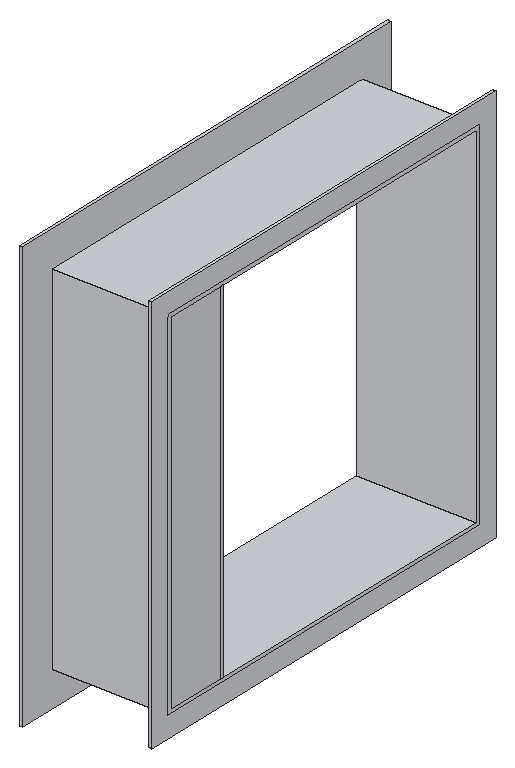
Revit family "Стеновой прямоугольный SVK1-НЗ-EI90-MC-W-MSR220-0-Kb 06.06.25", category Арматура воздуховодов, Revit 2022
Family settings
  Размер круглого соединителя = Использовать диаметр
  Тип детали = Демпфер
  На основе рабочей плоскости = Нет
  Всегда вертикально = Нет
  При загрузке вырезать с полостями = Нет
  Общий = Да
Parameters (values of type "Клапан SVK1-НЗ-EI90-MC-W-650x600-GI-H-MSR220-0-Kb")
  Ширина = 600 mm
  Привод внутри/снаружи [instance] = yes
  Отметка по умолчанию = 0 mm
  Высота = 650 mm
  ADSK_Ток = 0 A
  ADSK_Свободный напор воздуха [instance] = 0.0 Pa
  ADSK_Расход воздуха [instance] = 0.0 m³/s
  ADSK_Пусковой ток = 0 A
  ADSK_Полная мощность = ADSK_Номинальная мощность / ADSK_Коэффициент мощности  # 0 VA
  ADSK_Номинальная мощность = 0 W
  ADSK_Напряжение = 220 V  # constant formula
  ADSK_Наименование = "НОРМАЛЬНО-ЗАКРЫТЫЕ ПРОТИВОПОЖАРНЫЕ МНОГОСТВОРЧАТЫЕ КЛАПАНЫ"
  ADSK_Материал = none
  ADSK_Масса_Текст = ""
  ADSK_Масса = 1
  ADSK_Марка = "Клапан SVK1-НЗ-MC"  # constant formula
  ADSK_Кратность пускового тока = 1
  ADSK_Коэффициент мощности = 1  # constant formula
  ADSK_Количество фаз = 1  # constant formula
  ADSK_Количество = 1  # constant formula
  ADSK_Код изделия = ""
  ADSK_Классификация нагрузок = ОВК
  ADSK_КПД = 0
  ADSK_Завод-изготовитель = "WAER"  # constant formula
  ADSK_Единица измерения = "шт."  # constant formula
Types (269, lengths in mm): name | Ширина | Высота
  Клапан SVK1-НЗ-EI90-MC-W-300x300-GI-H-MSR220-0-Kb | 300 | 300
  Клапан SVK1-НЗ-EI90-MC-W-350x300-GI-H-MSR220-0-Kb | 300 | 350
  Клапан SVK1-НЗ-EI90-MC-W-400x300-GI-H-MSR220-0-Kb | 300 | 400
  Клапан SVK1-НЗ-EI90-MC-W-450x300-GI-H-MSR220-0-Kb | 300 | 450
  Клапан SVK1-НЗ-EI90-MC-W-500x300-GI-H-MSR220-0-Kb | 300 | 500
  Клапан SVK1-НЗ-EI90-MC-W-550x300-GI-H-MSR220-0-Kb | 300 | 550
  Клапан SVK1-НЗ-EI90-MC-W-600x300-GI-H-MSR220-0-Kb | 300 | 600
  Клапан SVK1-НЗ-EI90-MC-W-650x300-GI-H-MSR220-0-Kb | 300 | 650
  Клапан SVK1-НЗ-EI90-MC-W-700x300-GI-H-MSR220-0-Kb | 300 | 700
  Клапан SVK1-НЗ-EI90-MC-W-750x300-GI-H-MSR220-0-Kb | 300 | 750
  Клапан SVK1-НЗ-EI90-MC-W-800x300-GI-H-MSR220-0-Kb | 300 | 800
  Клапан SVK1-НЗ-EI90-MC-W-850x300-GI-H-MSR220-0-Kb | 300 | 850
  Клапан SVK1-НЗ-EI90-MC-W-900x300-GI-H-MSR220-0-Kb | 300 | 900
  Клапан SVK1-НЗ-EI90-MC-W-950x300-GI-H-MSR220-0-Kb | 300 | 950
  Клапан SVK1-НЗ-EI90-MC-W-1000x300-GI-H-MSR220-0-Kb | 300 | 1000
  Клапан SVK1-НЗ-EI90-MC-W-1050x300-GI-H-MSR220-0-Kb | 300 | 1050
  Клапан SVK1-НЗ-EI90-MC-W-1100x300-GI-H-MSR220-0-Kb | 300 | 1100
  Клапан SVK1-НЗ-EI90-MC-W-1150x300-GI-H-MSR220-0-Kb | 300 | 1150
  Клапан SVK1-НЗ-EI90-MC-W-1200x300-GI-H-MSR220-0-Kb | 300 | 1200
  Клапан SVK1-НЗ-EI90-MC-W-1250x300-GI-H-MSR220-0-Kb | 300 | 1250
  Клапан SVK1-НЗ-EI90-MC-W-1300x300-GI-H-MSR220-0-Kb | 300 | 1300
  Клапан SVK1-НЗ-EI90-MC-W-1350x300-GI-H-MSR220-0-Kb | 300 | 1350
  Клапан SVK1-НЗ-EI90-MC-W-1400x300-GI-H-MSR220-0-Kb | 300 | 1400
  Клапан SVK1-НЗ-EI90-MC-W-1450x300-GI-H-MSR220-0-Kb | 300 | 1450
  Клапан SVK1-НЗ-EI90-MC-W-1500x300-GI-H-MSR220-0-Kb | 300 | 1500
  Клапан SVK1-НЗ-EI90-MC-W-350x350-GI-H-MSR220-0-Kb | 350 | 350
  Клапан SVK1-НЗ-EI90-MC-W-400x350-GI-H-MSR220-0-Kb | 350 | 400
  Клапан SVK1-НЗ-EI90-MC-W-450x350-GI-H-MSR220-0-Kb | 350 | 450
  Клапан SVK1-НЗ-EI90-MC-W-500x350-GI-H-MSR220-0-Kb | 350 | 500
  Клапан SVK1-НЗ-EI90-MC-W-550x350-GI-H-MSR220-0-Kb | 350 | 550
  Клапан SVK1-НЗ-EI90-MC-W-600x350-GI-H-MSR220-0-Kb | 350 | 600
  Клапан SVK1-НЗ-EI90-MC-W-650x350-GI-H-MSR220-0-Kb | 350 | 650
  Клапан SVK1-НЗ-EI90-MC-W-700x350-GI-H-MSR220-0-Kb | 350 | 700
  Клапан SVK1-НЗ-EI90-MC-W-750x350-GI-H-MSR220-0-Kb | 350 | 750
  Клапан SVK1-НЗ-EI90-MC-W-800x350-GI-H-MSR220-0-Kb | 350 | 800
  Клапан SVK1-НЗ-EI90-MC-W-850x350-GI-H-MSR220-0-Kb | 350 | 850
  Клапан SVK1-НЗ-EI90-MC-W-900x350-GI-H-MSR220-0-Kb | 350 | 900
  Клапан SVK1-НЗ-EI90-MC-W-950x350-GI-H-MSR220-0-Kb | 350 | 950
  Клапан SVK1-НЗ-EI90-MC-W-1000x350-GI-H-MSR220-0-Kb | 350 | 1000
  Клапан SVK1-НЗ-EI90-MC-W-1050x350-GI-H-MSR220-0-Kb | 350 | 1050
  Клапан SVK1-НЗ-EI90-MC-W-1100x350-GI-H-MSR220-0-Kb | 350 | 1100
  Клапан SVK1-НЗ-EI90-MC-W-1150x350-GI-H-MSR220-0-Kb | 350 | 1150
  Клапан SVK1-НЗ-EI90-MC-W-1200x350-GI-H-MSR220-0-Kb | 350 | 1200
  Клапан SVK1-НЗ-EI90-MC-W-1250x350-GI-H-MSR220-0-Kb | 350 | 1250
  Клапан SVK1-НЗ-EI90-MC-W-1300x350-GI-H-MSR220-0-Kb | 350 | 1300
  Клапан SVK1-НЗ-EI90-MC-W-1350x350-GI-H-MSR220-0-Kb | 350 | 1350
  Клапан SVK1-НЗ-EI90-MC-W-1400x350-GI-H-MSR220-0-Kb | 350 | 1400
  Клапан SVK1-НЗ-EI90-MC-W-1450x350-GI-H-MSR220-0-Kb | 650 | 1450
  Клапан SVK1-НЗ-EI90-MC-W-1500x350-GI-H-MSR220-0-Kb | 350 | 1500
  Клапан SVK1-НЗ-EI90-MC-W-400x400-GI-H-MSR220-0-Kb | 400 | 400
  Клапан SVK1-НЗ-EI90-MC-W-450x400-GI-H-MSR220-0-Kb | 400 | 450
  Клапан SVK1-НЗ-EI90-MC-W-500x400-GI-H-MSR220-0-Kb | 400 | 500
  Клапан SVK1-НЗ-EI90-MC-W-550x400-GI-H-MSR220-0-Kb | 400 | 550
  Клапан SVK1-НЗ-EI90-MC-W-600x400-GI-H-MSR220-0-Kb | 400 | 600
  Клапан SVK1-НЗ-EI90-MC-W-650x400-GI-H-MSR220-0-Kb | 400 | 650
  Клапан SVK1-НЗ-EI90-MC-W-700x400-GI-H-MSR220-0-Kb | 400 | 700
  Клапан SVK1-НЗ-EI90-MC-W-750x400-GI-H-MSR220-0-Kb | 400 | 750
  Клапан SVK1-НЗ-EI90-MC-W-800x400-GI-H-MSR220-0-Kb | 400 | 800
  Клапан SVK1-НЗ-EI90-MC-W-850x400-GI-H-MSR220-0-Kb | 400 | 850
  Клапан SVK1-НЗ-EI90-MC-W-900x400-GI-H-MSR220-0-Kb | 400 | 900
  Клапан SVK1-НЗ-EI90-MC-W-950x400-GI-H-MSR220-0-Kb | 400 | 950
  Клапан SVK1-НЗ-EI90-MC-W-1000x400-GI-H-MSR220-0-Kb | 400 | 1000
  Клапан SVK1-НЗ-EI90-MC-W-1050x400-GI-H-MSR220-0-Kb | 400 | 1050
  Клапан SVK1-НЗ-EI90-MC-W-1100x400-GI-H-MSR220-0-Kb | 400 | 1100
  Клапан SVK1-НЗ-EI90-MC-W-1150x400-GI-H-MSR220-0-Kb | 400 | 1150
  Клапан SVK1-НЗ-EI90-MC-W-1200x400-GI-H-MSR220-0-Kb | 400 | 1200
  Клапан SVK1-НЗ-EI90-MC-W-1250x400-GI-H-MSR220-0-Kb | 400 | 1250
  Клапан SVK1-НЗ-EI90-MC-W-1300x400-GI-H-MSR220-0-Kb | 400 | 1300
  Клапан SVK1-НЗ-EI90-MC-W-1350x400-GI-H-MSR220-0-Kb | 400 | 1350
  Клапан SVK1-НЗ-EI90-MC-W-1400x400-GI-H-MSR220-0-Kb | 400 | 1400
  Клапан SVK1-НЗ-EI90-MC-W-1450x400-GI-H-MSR220-0-Kb | 400 | 1450
  Клапан SVK1-НЗ-EI90-MC-W-1500x400-GI-H-MSR220-0-Kb | 400 | 1500
  Клапан SVK1-НЗ-EI90-MC-W-450x450-GI-H-MSR220-0-Kb | 450 | 450
  Клапан SVK1-НЗ-EI90-MC-W-500x450-GI-H-MSR220-0-Kb | 450 | 500
  Клапан SVK1-НЗ-EI90-MC-W-550x450-GI-H-MSR220-0-Kb | 450 | 550
  Клапан SVK1-НЗ-EI90-MC-W-600x450-GI-H-MSR220-0-Kb | 450 | 600
  Клапан SVK1-НЗ-EI90-MC-W-650x450-GI-H-MSR220-0-Kb | 450 | 650
  Клапан SVK1-НЗ-EI90-MC-W-700x450-GI-H-MSR220-0-Kb | 450 | 700
  Клапан SVK1-НЗ-EI90-MC-W-750x450-GI-H-MSR220-0-Kb | 450 | 750
  Клапан SVK1-НЗ-EI90-MC-W-800x450-GI-H-MSR220-0-Kb | 450 | 800
  Клапан SVK1-НЗ-EI90-MC-W-850x450-GI-H-MSR220-0-Kb | 450 | 850
  Клапан SVK1-НЗ-EI90-MC-W-900x450-GI-H-MSR220-0-Kb | 450 | 900
  Клапан SVK1-НЗ-EI90-MC-W-950x450-GI-H-MSR220-0-Kb | 450 | 950
  Клапан SVK1-НЗ-EI90-MC-W-1000x450-GI-H-MSR220-0-Kb | 450 | 1000
  Клапан SVK1-НЗ-EI90-MC-W-1050x450-GI-H-MSR220-0-Kb | 450 | 1050
  Клапан SVK1-НЗ-EI90-MC-W-1100x450-GI-H-MSR220-0-Kb | 450 | 1100
  Клапан SVK1-НЗ-EI90-MC-W-1150x450-GI-H-MSR220-0-Kb | 450 | 1150
  Клапан SVK1-НЗ-EI90-MC-W-1200x450-GI-H-MSR220-0-Kb | 450 | 1200
  Клапан SVK1-НЗ-EI90-MC-W-1250x450-GI-H-MSR220-0-Kb | 450 | 1250
  Клапан SVK1-НЗ-EI90-MC-W-1300x450-GI-H-MSR220-0-Kb | 450 | 1300
  Клапан SVK1-НЗ-EI90-MC-W-1350x450-GI-H-MSR220-0-Kb | 450 | 1350
  Клапан SVK1-НЗ-EI90-MC-W-1400x450-GI-H-MSR220-0-Kb | 450 | 1400
  Клапан SVK1-НЗ-EI90-MC-W-1450x450-GI-H-MSR220-0-Kb | 450 | 1450
  Клапан SVK1-НЗ-EI90-MC-W-1500x450-GI-H-MSR220-0-Kb | 450 | 1500
  Клапан SVK1-НЗ-EI90-MC-W-500x500-GI-H-MSR220-0-Kb | 500 | 500
  Клапан SVK1-НЗ-EI90-MC-W-550x500-GI-H-MSR220-0-Kb | 500 | 550
  Клапан SVK1-НЗ-EI90-MC-W-600x500-GI-H-MSR220-0-Kb | 500 | 600
  Клапан SVK1-НЗ-EI90-MC-W-650x500-GI-H-MSR220-0-Kb | 500 | 650
  Клапан SVK1-НЗ-EI90-MC-W-700x500-GI-H-MSR220-0-Kb | 500 | 700
  Клапан SVK1-НЗ-EI90-MC-W-750x500-GI-H-MSR220-0-Kb | 500 | 750
  Клапан SVK1-НЗ-EI90-MC-W-800x500-GI-H-MSR220-0-Kb | 500 | 800
  Клапан SVK1-НЗ-EI90-MC-W-850x500-GI-H-MSR220-0-Kb | 500 | 850
  Клапан SVK1-НЗ-EI90-MC-W-900x500-GI-H-MSR220-0-Kb | 500 | 900
  Клапан SVK1-НЗ-EI90-MC-W-950x500-GI-H-MSR220-0-Kb | 500 | 950
  Клапан SVK1-НЗ-EI90-MC-W-1000x500-GI-H-MSR220-0-Kb | 500 | 1000
  Клапан SVK1-НЗ-EI90-MC-W-1050x500-GI-H-MSR220-0-Kb | 500 | 1050
  Клапан SVK1-НЗ-EI90-MC-W-1100x500-GI-H-MSR220-0-Kb | 500 | 1100
  Клапан SVK1-НЗ-EI90-MC-W-1150x500-GI-H-MSR220-0-Kb | 500 | 1150
  Клапан SVK1-НЗ-EI90-MC-W-1200x500-GI-H-MSR220-0-Kb | 500 | 1200
  Клапан SVK1-НЗ-EI90-MC-W-1250x500-GI-H-MSR220-0-Kb | 500 | 1250
  Клапан SVK1-НЗ-EI90-MC-W-1300x500-GI-H-MSR220-0-Kb | 500 | 1300
  Клапан SVK1-НЗ-EI90-MC-W-1350x500-GI-H-MSR220-0-Kb | 500 | 1350
  Клапан SVK1-НЗ-EI90-MC-W-1400x500-GI-H-MSR220-0-Kb | 500 | 1400
  Клапан SVK1-НЗ-EI90-MC-W-1450x500-GI-H-MSR220-0-Kb | 500 | 1450
  Клапан SVK1-НЗ-EI90-MC-W-1500x500-GI-H-MSR220-0-Kb | 500 | 1500
  Клапан SVK1-НЗ-EI90-MC-W-550x550-GI-H-MSR220-0-Kb | 550 | 550
  Клапан SVK1-НЗ-EI90-MC-W-600x550-GI-H-MSR220-0-Kb | 550 | 600
  Клапан SVK1-НЗ-EI90-MC-W-650x550-GI-H-MSR220-0-Kb | 550 | 650
  Клапан SVK1-НЗ-EI90-MC-W-700x550-GI-H-MSR220-0-Kb | 550 | 700
  Клапан SVK1-НЗ-EI90-MC-W-750x550-GI-H-MSR220-0-Kb | 550 | 750
  Клапан SVK1-НЗ-EI90-MC-W-800x550-GI-H-MSR220-0-Kb | 550 | 800
  Клапан SVK1-НЗ-EI90-MC-W-850x550-GI-H-MSR220-0-Kb | 550 | 850
  Клапан SVK1-НЗ-EI90-MC-W-900x550-GI-H-MSR220-0-Kb | 550 | 900
  Клапан SVK1-НЗ-EI90-MC-W-950x550-GI-H-MSR220-0-Kb | 550 | 950
  Клапан SVK1-НЗ-EI90-MC-W-1000x550-GI-H-MSR220-0-Kb | 550 | 1000
  Клапан SVK1-НЗ-EI90-MC-W-1050x550-GI-H-MSR220-0-Kb | 550 | 1050
  Клапан SVK1-НЗ-EI90-MC-W-1100x550-GI-H-MSR220-0-Kb | 550 | 1100
  Клапан SVK1-НЗ-EI90-MC-W-1150x550-GI-H-MSR220-0-Kb | 550 | 1150
  Клапан SVK1-НЗ-EI90-MC-W-1200x550-GI-H-MSR220-0-Kb | 550 | 1200
  Клапан SVK1-НЗ-EI90-MC-W-1250x550-GI-H-MSR220-0-Kb | 550 | 1250
  Клапан SVK1-НЗ-EI90-MC-W-1300x550-GI-H-MSR220-0-Kb | 550 | 1300
  Клапан SVK1-НЗ-EI90-MC-W-1350x550-GI-H-MSR220-0-Kb | 550 | 1350
  Клапан SVK1-НЗ-EI90-MC-W-1400x550-GI-H-MSR220-0-Kb | 550 | 1400
  Клапан SVK1-НЗ-EI90-MC-W-1450x550-GI-H-MSR220-0-Kb | 550 | 1450
  Клапан SVK1-НЗ-EI90-MC-W-1500x550-GI-H-MSR220-0-Kb | 550 | 1500
  Клапан SVK1-НЗ-EI90-MC-W-600x600-GI-H-MSR220-0-Kb | 600 | 600
  Клапан SVK1-НЗ-EI90-MC-W-650x600-GI-H-MSR220-0-Kb | 600 | 650
  Клапан SVK1-НЗ-EI90-MC-W-700x600-GI-H-MSR220-0-Kb | 600 | 700
  Клапан SVK1-НЗ-EI90-MC-W-750x600-GI-H-MSR220-0-Kb | 600 | 750
  Клапан SVK1-НЗ-EI90-MC-W-800x600-GI-H-MSR220-0-Kb | 600 | 800
  Клапан SVK1-НЗ-EI90-MC-W-850x600-GI-H-MSR220-0-Kb | 600 | 850
  Клапан SVK1-НЗ-EI90-MC-W-900x600-GI-H-MSR220-0-Kb | 600 | 900
  Клапан SVK1-НЗ-EI90-MC-W-950x600-GI-H-MSR220-0-Kb | 600 | 950
  Клапан SVK1-НЗ-EI90-MC-W-1000x600-GI-H-MSR220-0-Kb | 600 | 1000
  Клапан SVK1-НЗ-EI90-MC-W-1050x600-GI-H-MSR220-0-Kb | 600 | 1050
  Клапан SVK1-НЗ-EI90-MC-W-1100x600-GI-H-MSR220-0-Kb | 600 | 1100
  Клапан SVK1-НЗ-EI90-MC-W-1150x600-GI-H-MSR220-0-Kb | 600 | 1150
  Клапан SVK1-НЗ-EI90-MC-W-1200x600-GI-H-MSR220-0-Kb | 600 | 1200
  Клапан SVK1-НЗ-EI90-MC-W-1250x600-GI-H-MSR220-0-Kb | 600 | 1250
  Клапан SVK1-НЗ-EI90-MC-W-1300x600-GI-H-MSR220-0-Kb | 600 | 1300
  Клапан SVK1-НЗ-EI90-MC-W-1350x600-GI-H-MSR220-0-Kb | 600 | 1350
  Клапан SVK1-НЗ-EI90-MC-W-1400x600-GI-H-MSR220-0-Kb | 600 | 1400
  Клапан SVK1-НЗ-EI90-MC-W-1450x600-GI-H-MSR220-0-Kb | 600 | 1450
  Клапан SVK1-НЗ-EI90-MC-W-1500x600-GI-H-MSR220-0-Kb | 600 | 1500
  Клапан SVK1-НЗ-EI90-MC-W-650x650-GI-H-MSR220-0-Kb | 650 | 650
  Клапан SVK1-НЗ-EI90-MC-W-700x650-GI-H-MSR220-0-Kb | 650 | 700
  Клапан SVK1-НЗ-EI90-MC-W-750x650-GI-H-MSR220-0-Kb | 650 | 750
  Клапан SVK1-НЗ-EI90-MC-W-800x650-GI-H-MSR220-0-Kb | 650 | 800
  Клапан SVK1-НЗ-EI90-MC-W-850x650-GI-H-MSR220-0-Kb | 650 | 850
  Клапан SVK1-НЗ-EI90-MC-W-900x650-GI-H-MSR220-0-Kb | 650 | 900
  Клапан SVK1-НЗ-EI90-MC-W-950x650-GI-H-MSR220-0-Kb | 650 | 950
  Клапан SVK1-НЗ-EI90-MC-W-1000x650-GI-H-MSR220-0-Kb | 650 | 1000
  Клапан SVK1-НЗ-EI90-MC-W-1050x650-GI-H-MSR220-0-Kb | 650 | 1050
  Клапан SVK1-НЗ-EI90-MC-W-1100x650-GI-H-MSR220-0-Kb | 650 | 1100
  Клапан SVK1-НЗ-EI90-MC-W-1150x650-GI-H-MSR220-0-Kb | 650 | 1150
  Клапан SVK1-НЗ-EI90-MC-W-1200x650-GI-H-MSR220-0-Kb | 650 | 1200
  Клапан SVK1-НЗ-EI90-MC-W-1250x650-GI-H-MSR220-0-Kb | 650 | 1250
  Клапан SVK1-НЗ-EI90-MC-W-1300x650-GI-H-MSR220-0-Kb | 650 | 1300
  Клапан SVK1-НЗ-EI90-MC-W-1350x650-GI-H-MSR220-0-Kb | 650 | 1350
  Клапан SVK1-НЗ-EI90-MC-W-1400x650-GI-H-MSR220-0-Kb | 650 | 1400
  Клапан SVK1-НЗ-EI90-MC-W-1500x650-GI-H-MSR220-0-Kb | 650 | 1500
  Клапан SVK1-НЗ-EI90-MC-W-700x700-GI-H-MSR220-0-Kb | 700 | 700
  Клапан SVK1-НЗ-EI90-MC-W-750x700-GI-H-MSR220-0-Kb | 700 | 750
  Клапан SVK1-НЗ-EI90-MC-W-800x700-GI-H-MSR220-0-Kb | 700 | 800
  Клапан SVK1-НЗ-EI90-MC-W-850x700-GI-H-MSR220-0-Kb | 700 | 850
  Клапан SVK1-НЗ-EI90-MC-W-900x700-GI-H-MSR220-0-Kb | 700 | 900
  Клапан SVK1-НЗ-EI90-MC-W-950x700-GI-H-MSR220-0-Kb | 700 | 950
  Клапан SVK1-НЗ-EI90-MC-W-1000x700-GI-H-MSR220-0-Kb | 700 | 1000
  Клапан SVK1-НЗ-EI90-MC-W-1050x700-GI-H-MSR220-0-Kb | 700 | 1050
  Клапан SVK1-НЗ-EI90-MC-W-1100x700-GI-H-MSR220-0-Kb | 700 | 1100
  Клапан SVK1-НЗ-EI90-MC-W-1150x700-GI-H-MSR220-0-Kb | 700 | 1150
  Клапан SVK1-НЗ-EI90-MC-W-1200x700-GI-H-MSR220-0-Kb | 700 | 1200
  Клапан SVK1-НЗ-EI90-MC-W-1250x700-GI-H-MSR220-0-Kb | 700 | 1250
  Клапан SVK1-НЗ-EI90-MC-W-1300x700-GI-H-MSR220-0-Kb | 700 | 1300
  Клапан SVK1-НЗ-EI90-MC-W-1350x700-GI-H-MSR220-0-Kb | 700 | 1350
  Клапан SVK1-НЗ-EI90-MC-W-1400x700-GI-H-MSR220-0-Kb | 700 | 1400
  Клапан SVK1-НЗ-EI90-MC-W-1450x700-GI-H-MSR220-0-Kb | 700 | 1450
  Клапан SVK1-НЗ-EI90-MC-W-1500x700-GI-H-MSR220-0-Kb | 700 | 1500
  Клапан SVK1-НЗ-EI90-MC-W-750x750-GI-H-MSR220-0-Kb | 750 | 750
  Клапан SVK1-НЗ-EI90-MC-W-800x750-GI-H-MSR220-0-Kb | 750 | 800
  Клапан SVK1-НЗ-EI90-MC-W-850x750-GI-H-MSR220-0-Kb | 750 | 850
  Клапан SVK1-НЗ-EI90-MC-W-900x750-GI-H-MSR220-0-Kb | 750 | 900
  Клапан SVK1-НЗ-EI90-MC-W-950x750-GI-H-MSR220-0-Kb | 750 | 950
  Клапан SVK1-НЗ-EI90-MC-W-1000x750-GI-H-MSR220-0-Kb | 750 | 1000
  Клапан SVK1-НЗ-EI90-MC-W-1050x750-GI-H-MSR220-0-Kb | 750 | 1050
  Клапан SVK1-НЗ-EI90-MC-W-1100x750-GI-H-MSR220-0-Kb | 750 | 1100
  Клапан SVK1-НЗ-EI90-MC-W-1150x750-GI-H-MSR220-0-Kb | 750 | 1150
  Клапан SVK1-НЗ-EI90-MC-W-1200x750-GI-H-MSR220-0-Kb | 750 | 1200
  Клапан SVK1-НЗ-EI90-MC-W-1250x750-GI-H-MSR220-0-Kb | 750 | 1250
  Клапан SVK1-НЗ-EI90-MC-W-1300x750-GI-H-MSR220-0-Kb | 750 | 1300
  Клапан SVK1-НЗ-EI90-MC-W-1350x750-GI-H-MSR220-0-Kb | 750 | 1350
  Клапан SVK1-НЗ-EI90-MC-W-1400x750-GI-H-MSR220-0-Kb | 750 | 1400
  Клапан SVK1-НЗ-EI90-MC-W-1450x750-GI-H-MSR220-0-Kb | 750 | 1450
  Клапан SVK1-НЗ-EI90-MC-W-1500x750-GI-H-MSR220-0-Kb | 750 | 1500
  Клапан SVK1-НЗ-EI90-MC-W-800x800-GI-H-MSR220-0-Kb | 800 | 800
  Клапан SVK1-НЗ-EI90-MC-W-850x800-GI-H-MSR220-0-Kb | 800 | 850
  Клапан SVK1-НЗ-EI90-MC-W-900x800-GI-H-MSR220-0-Kb | 800 | 900
  Клапан SVK1-НЗ-EI90-MC-W-950x800-GI-H-MSR220-0-Kb | 800 | 950
  Клапан SVK1-НЗ-EI90-MC-W-1000x800-GI-H-MSR220-0-Kb | 800 | 1000
  Клапан SVK1-НЗ-EI90-MC-W-1050x800-GI-H-MSR220-0-Kb | 800 | 1050
  Клапан SVK1-НЗ-EI90-MC-W-1100x800-GI-H-MSR220-0-Kb | 800 | 1100
  Клапан SVK1-НЗ-EI90-MC-W-1150x800-GI-H-MSR220-0-Kb | 800 | 1150
  Клапан SVK1-НЗ-EI90-MC-W-1200x800-GI-H-MSR220-0-Kb | 800 | 1200
  Клапан SVK1-НЗ-EI90-MC-W-1250x800-GI-H-MSR220-0-Kb | 800 | 1250
  Клапан SVK1-НЗ-EI90-MC-W-1300x800-GI-H-MSR220-0-Kb | 800 | 1300
  Клапан SVK1-НЗ-EI90-MC-W-1350x800-GI-H-MSR220-0-Kb | 800 | 1350
  Клапан SVK1-НЗ-EI90-MC-W-1400x800-GI-H-MSR220-0-Kb | 800 | 1400
  Клапан SVK1-НЗ-EI90-MC-W-1450x800-GI-H-MSR220-0-Kb | 800 | 1450
  Клапан SVK1-НЗ-EI90-MC-W-1500x800-GI-H-MSR220-0-Kb | 800 | 1500
  Клапан SVK1-НЗ-EI90-MC-W-850x850-GI-H-MSR220-0-Kb | 850 | 850
  Клапан SVK1-НЗ-EI90-MC-W-900x850-GI-H-MSR220-0-Kb | 850 | 900
  Клапан SVK1-НЗ-EI90-MC-W-950x850-GI-H-MSR220-0-Kb | 850 | 950
  Клапан SVK1-НЗ-EI90-MC-W-1000x850-GI-H-MSR220-0-Kb | 850 | 1000
  Клапан SVK1-НЗ-EI90-MC-W-1050x850-GI-H-MSR220-0-Kb | 850 | 1050
  Клапан SVK1-НЗ-EI90-MC-W-1100x850-GI-H-MSR220-0-Kb | 850 | 1100
  Клапан SVK1-НЗ-EI90-MC-W-1150x850-GI-H-MSR220-0-Kb | 850 | 1150
  Клапан SVK1-НЗ-EI90-MC-W-1200x850-GI-H-MSR220-0-Kb | 850 | 1200
  Клапан SVK1-НЗ-EI90-MC-W-1250x850-GI-H-MSR220-0-Kb | 850 | 1250
  Клапан SVK1-НЗ-EI90-MC-W-1300x850-GI-H-MSR220-0-Kb | 850 | 1300
  Клапан SVK1-НЗ-EI90-MC-W-1350x850-GI-H-MSR220-0-Kb | 850 | 1350
  Клапан SVK1-НЗ-EI90-MC-W-1400x850-GI-H-MSR220-0-Kb | 850 | 1400
  Клапан SVK1-НЗ-EI90-MC-W-1450x850-GI-H-MSR220-0-Kb | 850 | 1450
  Клапан SVK1-НЗ-EI90-MC-W-1500x850-GI-H-MSR220-0-Kb | 850 | 1500
  Клапан SVK1-НЗ-EI90-MC-W-900x900-GI-H-MSR220-0-Kb | 900 | 900
  Клапан SVK1-НЗ-EI90-MC-W-950x900-GI-H-MSR220-0-Kb | 900 | 950
  Клапан SVK1-НЗ-EI90-MC-W-1000x900-GI-H-MSR220-0-Kb | 900 | 1000
  Клапан SVK1-НЗ-EI90-MC-W-1050x900-GI-H-MSR220-0-Kb | 900 | 1050
  Клапан SVK1-НЗ-EI90-MC-W-1100x900-GI-H-MSR220-0-Kb | 900 | 1100
  Клапан SVK1-НЗ-EI90-MC-W-1150x900-GI-H-MSR220-0-Kb | 900 | 1150
  Клапан SVK1-НЗ-EI90-MC-W-1200x900-GI-H-MSR220-0-Kb | 900 | 1200
  Клапан SVK1-НЗ-EI90-MC-W-1250x900-GI-H-MSR220-0-Kb | 900 | 1250
  Клапан SVK1-НЗ-EI90-MC-W-1300x900-GI-H-MSR220-0-Kb | 900 | 1300
  Клапан SVK1-НЗ-EI90-MC-W-1350x900-GI-H-MSR220-0-Kb | 900 | 1350
  Клапан SVK1-НЗ-EI90-MC-W-1400x900-GI-H-MSR220-0-Kb | 900 | 1400
  Клапан SVK1-НЗ-EI90-MC-W-1450x900-GI-H-MSR220-0-Kb | 900 | 1450
  Клапан SVK1-НЗ-EI90-MC-W-1500x900-GI-H-MSR220-0-Kb | 900 | 1500
  Клапан SVK1-НЗ-EI90-MC-W-950x950-GI-H-MSR220-0-Kb | 950 | 950
  Клапан SVK1-НЗ-EI90-MC-W-1000x950-GI-H-MSR220-0-Kb | 950 | 1000
  Клапан SVK1-НЗ-EI90-MC-W-1050x950-GI-H-MSR220-0-Kb | 950 | 1050
  Клапан SVK1-НЗ-EI90-MC-W-1100x950-GI-H-MSR220-0-Kb | 950 | 1100
  Клапан SVK1-НЗ-EI90-MC-W-1150x950-GI-H-MSR220-0-Kb | 950 | 1150
  Клапан SVK1-НЗ-EI90-MC-W-1200x950-GI-H-MSR220-0-Kb | 950 | 1200
  Клапан SVK1-НЗ-EI90-MC-W-1250x950-GI-H-MSR220-0-Kb | 950 | 1250
  Клапан SVK1-НЗ-EI90-MC-W-1300x950-GI-H-MSR220-0-Kb | 950 | 1300
  Клапан SVK1-НЗ-EI90-MC-W-1350x950-GI-H-MSR220-0-Kb | 950 | 1350
  Клапан SVK1-НЗ-EI90-MC-W-1400x950-GI-H-MSR220-0-Kb | 950 | 1400
  Клапан SVK1-НЗ-EI90-MC-W-1450x950-GI-H-MSR220-0-Kb | 950 | 1450
  Клапан SVK1-НЗ-EI90-MC-W-1500x950-GI-H-MSR220-0-Kb | 950 | 1500
  Клапан SVK1-НЗ-EI90-MC-W-1000x1000-GI-H-MSR220-0-Kb | 1000 | 1000
  Клапан SVK1-НЗ-EI90-MC-W-1050x1000-GI-H-MSR220-0-Kb | 1000 | 1050
  Клапан SVK1-НЗ-EI90-MC-W-1100x1000-GI-H-MSR220-0-Kb | 1000 | 1100
  Клапан SVK1-НЗ-EI90-MC-W-1150x1000-GI-H-MSR220-0-Kb | 1000 | 1150
  Клапан SVK1-НЗ-EI90-MC-W-1200x1000-GI-H-MSR220-0-Kb | 1000 | 1200
  Клапан SVK1-НЗ-EI90-MC-W-1250x1000-GI-H-MSR220-0-Kb | 1000 | 1250
  Клапан SVK1-НЗ-EI90-MC-W-1300x1000-GI-H-MSR220-0-Kb | 1000 | 1300
  Клапан SVK1-НЗ-EI90-MC-W-1350x1000-GI-H-MSR220-0-Kb | 1000 | 1350
  Клапан SVK1-НЗ-EI90-MC-W-1400x1000-GI-H-MSR220-0-Kb | 1000 | 1400
  Клапан SVK1-НЗ-EI90-MC-W-1450x1000-GI-H-MSR220-0-Kb | 1000 | 1450
  Клапан SVK1-НЗ-EI90-MC-W-1500x1000-GI-H-MSR220-0-Kb | 1000 | 1500
Reference planes
  plane 1 "По центру (Вперед/Назад)": y = 0
  plane 2: z = 0
  plane 3 "По центру (Влево/Вправо)": x = 0
  plane 4: z = 300
  plane 5: z = -300
  plane 6: z = 295
  plane 7: z = -295
  plane 8: z = 315
  plane 9: z = -315
  plane 10: y = 320
  plane 11: y = 325
  plane 12: y = 340
  plane 13: y = -320
  plane 14: y = -325
  plane 15: y = -340
  plane 16: x = 200
  plane 17: y = -210
Forms (mm)
  Extrusion 1, solid, material <- "ADSK_Материал"
    sketch origin (0, 0, 0) x (0, 1, 0) y (0, 0, 1)
      loop
        line (325, 300) -> (-325, 300) -> (-325, -300) -> (325, -300) -> (325, 300)
      loop
        line (320, 295) -> (-320, 295) -> (-320, -295) -> (320, -295) -> (320, 295)
    from 0 to 200
  Sweep 2, solid, material <- "ADSK_Материал"
    path in 3D
      loop
        line (0, 325, 300) -> (0, 325, -300) -> (0, -325, -300) -> (0, -325, 300) -> (0, 325, 300)
    profile origin (0, 0, 300) x (-1, 0, 0) y (0, 0, 1)
      loop
        line (-5, 60) -> (-5, 0) -> (0, 0) -> (0, 60) -> (-5, 60)
  Sweep 3, solid, material <- "ADSK_Материал"
    path in 3D
      loop
        line (200, -325, 300) -> (200, -325, -300) -> (200, 325, -300) -> (200, 325, 300) -> (200, -325, 300)
    profile origin (200, 0, 300) x (1, 0, 0) y (0, 0, 1)
      loop
        line (-5, 35) -> (-5, 0) -> (0, 0) -> (0, 35) -> (-5, 35)
  Extrusion 4, solid, material <- "ADSK_Материал"
    sketch origin (0, 0, 0) x (0, 1, 0) y (0, 0, 1)
      loop
        line (-210, 295) -> (-215, 295) -> (-215, -295) -> (-210, -295) -> (-210, 295)
    from 0 to 200
  Extrusion 5, solid
    sketch origin (0, -385, 360) x (0, 1, 0) y (0, 0, -1)
      loop
        line (175, 65) -> (175, 655) -> (65, 655) -> (65, 65) -> (175, 65)
    from -200 to -195
Lines and regions (mm)
  sketch lines
    curve 1: line (0, -325, 300) -> (0, 325, 300)
    curve 2: line (0, 325, 300) -> (0, 325, -300)
    curve 3: line (0, -325, -300) -> (0, -325, 300)
    curve 4: line (0, 325, -300) -> (0, -325, -300)
    curve 5: line (200, 325, 300) -> (200, -325, 300)
    curve 6: line (200, -325, 300) -> (200, -325, -300)
    curve 7: line (200, 325, -300) -> (200, 325, 300)
    curve 8: line (200, -325, -300) -> (200, 325, -300)
Dimensions and locks
  equal spacing: plane 11, plane 1 "По центру (Вперед/Назад)", plane 14
  plane 12 to plane 11 to plane 10 = 15 mm locked, 5 mm locked
  plane 13 to plane 14 to plane 15 = 5 mm locked, 15 mm locked
  "Высота": plane 11 to plane 14
  plane 8 to plane 4 to plane 6 = 15 mm locked, 5 mm locked
  plane 7 to plane 5 to plane 9 = 5 mm locked, 15 mm locked
  equal spacing: plane 4, level, plane 5
  "Ширина": plane 4 to plane 5
  locked: plane 3 "По центру (Влево/Вправо)" to plane 16 at 200
  locked: profile plane to Sweep 2 sketch curve at 60
  locked: Sweep 2 sketch curve to profile plane at 5
  locked: Sweep 3 sketch curve to profile plane at 5
  Sweep 3 sketch curve to profile plane = 35 mm
  locked: plane 17 to plane 13 at 110
  locked: nested 1 to plane 6 at 100
  locked: Extrusion 4 to nested 1
  aligned and locked: level to plane 2
  aligned and locked: plane 4 to Extrusion 1 sketch curve
  aligned and locked: plane 14 to Extrusion 1 sketch curve
  aligned and locked: Extrusion 1 sketch curve to plane 5
  aligned and locked: Extrusion 1 sketch curve to plane 11
  aligned and locked: plane 6 to Extrusion 1 sketch curve
  aligned and locked: Extrusion 1 sketch curve to plane 10
  aligned and locked: Extrusion 1 sketch curve to plane 7
  aligned and locked: plane 13 to Extrusion 1 sketch curve
  aligned and locked: Extrusion 1 to plane 3 "По центру (Влево/Вправо)"
  aligned and locked: plane 16 to Extrusion 1
  aligned and locked: profile plane to Sweep 2 sketch curve  (x2)
  aligned and locked: profile plane to Sweep 3 sketch curve  (x2)
  aligned and locked: plane 6 to Extrusion 4 sketch curve
  aligned and locked: Extrusion 4 sketch curve to plane 17
  aligned and locked: Extrusion 4 sketch curve to plane 7
  aligned and locked: Extrusion 4 to plane 3 "По центру (Влево/Вправо)"
  aligned and locked: Extrusion 1 to Extrusion 4
  aligned and locked: Extrusion 5 sketch curve to Extrusion 4  (x2)
  aligned and locked: Extrusion 5 sketch curve to Extrusion 1  (x2)
  aligned and locked: Extrusion 1 to Extrusion 5
  aligned and locked: Sweep 3 to Extrusion 5
Automatic sketch dimensions
  Extrusion 4 sketch curve to Extrusion 4 sketch curve = 5 mm
Nested families
  nested 1: "Электропривод_верт_90" at (172.561, -203, 155.076) x (-1, 0, 0) z (0, 0, 1), visible <- "Привод внутри/снаружи", type "BFL230", detail levels medium+fine
    with ADSK_Примечание "", ADSK_Позиция ""
Connectors
  electrical at (45, -215, 130)
    settings: on nested 1, index 1, voltage 0 V, apparent load 0 VA, apparent load phase1 0 VA, apparent load phase2 0 VA, apparent load phase3 0 VA, power factor 1, load classification "Прочее", number of poles 1, system type 14, power factor state 1, is connector primary yes, connector utility no, sub classification motor no, connector description ""
  hvac at (200, 0, 0), driven by "Ширина", driven by "Высота"
    settings: on Extrusion 1, index 2, duct flow 0.0 m³/s, flow factor 0, pres drop 0.0 Pa, loss coef 0, conn angle 0.00°, conn width 650 mm, conn height 600 mm, conn diameter 609.6 mm, duct sys type 1, conn prof type 1, flow config 0, flow direction 0, loss method 0, conn ref index -1, conn util no, is conn primary yes, conn desc ""
Definition of nested family "Электропривод_верт_90"
  Parameters (values of type "BFL230")
    Ширина центра = 50 mm
    Соединение = "1 м, 2 × 0,75 мм2"
    Default Elevation = 0 mm
    Description = "с пружинным возвратом/конденсатором"  # constant formula
    Межосевое подключение = 48 mm
    Корпус_x = none
    Клеммы = none
    Звездочка = Высота + 1 mm  # 49 mm
    Длина корпуса = 160 mm
    ГШ = 80 mm
    Высота = 48 mm
    Выс подкл = Высота - 18 mm  # 30 mm
    ADSK_Ток = 4 A
    ADSK_Примечание [instance] = ""
    ADSK_Предел огнестойкости = ""
    ADSK_Полная мощность = 6.5 VA
    ADSK_Позиция [instance] = ""
    ADSK_Обозначение = ""
    ADSK_Номинальная мощность = 3 W
    ADSK_Напряжение = 230 V
    ADSK_Наименование краткое = ""
    ADSK_Наименование = ""
    ADSK_Материал обозначение = ""
    ADSK_Материал наименование = ""
    ADSK_Масса_Текст = "1,1 кг"
    ADSK_Масса = 1.1  # constant formula
    ADSK_Марка = "BFL24"  # constant formula
    ADSK_Коэффициент мощности = 1
    ADSK_Количество фаз числовое = 1
    ADSK_Количество фаз = 1
    ADSK_Количество = 1  # constant formula
    ADSK_Код изделия = "BFL24"  # constant formula
    ADSK_Классификация нагрузок = none
    ADSK_Завод-изготовитель = "BELIMO"  # constant formula
    ADSK_Единица измерения = "шт."  # constant formula
    ADSK_URL страницы изделия = ""
    ADSK_URL документации изделия = ""
  Types (2, lengths in mm): name | ADSK_Ток | ADSK_Полная мощность | ADSK_Номинальная мощность | ADSK_Напряжение
    BFL230 | 4 A | 6.5 VA | 3 W | 230 V
    BFL24 | 8.3 A | 4 VA | 2.5 W | 24 V
  Reference planes
    plane 1 "По центру (Вперед/Назад)": y = 0
    plane 2: z = 0
    plane 3 "По центру (Влево/Вправо)": x = 0
    plane 4: x = -22.439
    plane 5: x = 137.561
    plane 6: z = -40.076
    plane 7: z = 39.924
    plane 8: z = -25.076
    plane 9: z = 24.924
    plane 10: x = 112.561
    plane 11: z = -40.076
    plane 12: z = 39.924
    plane 13: x = 142.561
    plane 14: y = -48
    plane 15: x = -24
    plane 16: x = 24
    plane 17: x = 212.561
    plane 18: x = 157.561
    plane 19: x = 177.561
    plane 20: x = 212.561
    plane 21: x = 157.561
    plane 22: x = 177.561
    plane 23: y = -30
  Forms (mm)
    Extrusion 1, solid, material <- "Корпус_x", detail levels medium+fine
      sketch origin (-0.439, -60, -0.076) x (0, 0, 1) y (1, 0, 0)
        loop
          line (-25, -22) -> (25, -22) -> (40, -13.34) -> (40, 113) -> (10, 113) -> (10, 138) -> (-10, 138) -> (-10, 113) -> (-40, 113) -> (-40, -13.34) -> (-25, -22)
      from 0 to 48 <- "Высота"
    Extrusion 2, solid, material <- "Клеммы", detail levels medium+fine
      sketch origin (-0.439, -60, -0.076) x (0, 0, 1) y (1, 0, 0)
        loop
          line (-40, 143) -> (-40, 113) -> (-10, 113) -> (-10, 143) -> (-40, 143)
        loop
          line (10, 143) -> (10, 113) -> (40, 113) -> (40, 143) -> (10, 143)
      from 12 to 48
    Extrusion 3, solid, material <- "Клеммы", detail levels fine
      sketch origin (-0.439, -60, -0.076) x (0, 0, 1) y (1, 0, 0)
        loop
          circle (0, 0) r 20
        loop
          circle (0, 0) r 15
        loop
          line (10.43, -6.022) -> (10.43, 6.022) -> (0, 12.043) -> (-10.43, 6.022) -> (-10.43, -6.022) -> (0, -12.043) -> (10.43, -6.022)
      from 48 <- "Высота" to 49 <- "Звездочка"
    Revolve 4, solid, material <- "Клеммы", detail levels fine
      sketch origin (-1524.439, -30, -101.97) x (0, 0, -1) y (-1, 0, 0)
        loop
          line (-77.895, -1667) -> (-77.895, -1737) -> (-74.82, -1737) -> (-74.82, -1702) -> (-72.813, -1699.633) -> (-72.813, -1697.089) -> (-74.82, -1697.089) -> (-74.82, -1694.582) -> (-72.813, -1694.582) -> (-72.813, -1692.082) -> (-74.82, -1692.082) -> (-74.82, -1689.54) -> (-72.813, -1689.54) -> (-72.813, -1686.997) -> (-74.82, -1686.997) -> (-74.82, -1684.455) -> (-72.813, -1684.455) -> (-72.813, -1682) -> (-70.754, -1669.002)
          arc (-70.754, -1669.002) -> (-69.64, -1667.55) -> (-67.895, -1667) r 3.043
          line (-67.895, -1667) -> (-77.895, -1667)
        axis (-77.895, -1737) -> (-77.895, -1667)
      angle from 0 to 360
    Revolve 5, solid, material <- "Клеммы", detail levels fine
      sketch origin (-1524.439, -30, -101.97) x (0, 0, -1) y (-1, 0, 0)
        loop
          line (-125.895, -1667) -> (-125.895, -1737) -> (-122.82, -1737) -> (-122.82, -1702) -> (-120.813, -1699.633) -> (-120.813, -1697.089) -> (-122.82, -1697.089) -> (-122.82, -1694.582) -> (-120.813, -1694.582) -> (-120.813, -1692.082) -> (-122.82, -1692.082) -> (-122.82, -1689.54) -> (-120.813, -1689.54) -> (-120.813, -1686.997) -> (-122.82, -1686.997) -> (-122.82, -1684.455) -> (-120.813, -1684.455) -> (-120.813, -1682) -> (-118.754, -1669.002)
          arc (-118.754, -1669.002) -> (-117.64, -1667.55) -> (-115.895, -1667) r 3.043
          line (-115.895, -1667) -> (-125.895, -1667)
        axis (-125.895, -1737) -> (-125.895, -1667)
      angle from 0 to 360
  Dimensions and locks
    "Длина корпуса": plane 5 to plane 4
    plane 6 to plane 7 = 80 mm
    "ГШ": plane 6 to plane 7
    plane 8 to plane 9 = 50 mm
    "Ширина центра": plane 8 to plane 9
    plane 5 to plane 10 = 25 mm
    plane 13 to Extrusion 1 = 30 mm
    plane 11 to plane 12 = 80 mm
    "ГШ": plane 11 to plane 12
    Extrusion 1 to plane 14 = 36 mm
    equal spacing: plane 15, plane 3 "По центру (Влево/Вправо)", plane 16
    "Межосевое подключение": plane 15 to plane 16
    plane 17 to Extrusion 2 = 70 mm
    Extrusion 1 to plane 18 = 180 mm
    plane 17 to plane 19 = 35 mm
    plane 20 to plane 22 = 35 mm
    "Выс подкл": plane 1 "По центру (Вперед/Назад)" to plane 23
    angle plane 4 to Extrusion 1 sketch curve = 30.00°
    angle Extrusion 1 sketch curve to plane 4 = 30.00°
    aligned and locked: level to plane 2
    aligned and locked: Extrusion 1 sketch curve to plane 4
    aligned and locked: plane 7 to Extrusion 1 sketch curve  (x2)
    aligned and locked: plane 6 to Extrusion 1 sketch curve  (x2)
    aligned and locked: Extrusion 1 sketch curve to plane 10
    aligned and locked: plane 10 to Extrusion 1 sketch curve  (x3)
    aligned and locked: plane 5 to Extrusion 1 sketch curve  (x2)
    aligned and locked: Extrusion 2 sketch curve to plane 13  (x2)
    aligned and locked: plane 11 to Extrusion 2 sketch curve
    aligned and locked: Extrusion 2 sketch curve to Extrusion 1  (x2)
    aligned and locked: Extrusion 2 sketch curve to plane 12
    aligned and locked: Extrusion 2 to plane 14
    aligned and locked: Extrusion 1 to Extrusion 2
    aligned and locked: Extrusion 2 to Revolve 4 sketch curve
    aligned and locked: Revolve 4 sketch curve to plane 17
    aligned and locked: plane 19 to Revolve 4 sketch curve
    aligned and locked: plane 18 to Revolve 4 sketch curve
    aligned and locked: Revolve 5 sketch curve to plane 20
    aligned and locked: plane 22 to Revolve 5 sketch curve
    aligned and locked: plane 21 to Revolve 5 sketch curve
  Automatic sketch dimensions
    Extrusion 3 sketch curve to Extrusion 3 sketch curve = 0 mm  (x2)
    Extrusion 3 sketch curve to level = 10.505 mm
    Extrusion 3 sketch curve to level = 0.076 mm  (x3)
    level to Extrusion 3 sketch curve = 10.354 mm
    plane 15 to Extrusion 3 sketch curve = 11.518 mm
    Extrusion 3 sketch curve to Extrusion 3 sketch curve = 6.022 mm  (x5)
    Extrusion 3 sketch curve to Extrusion 3 sketch curve = 12.043 mm
    Revolve 4 sketch curve to level = 24.076 mm  (x2)
    Revolve 4 sketch curve to Revolve 4 sketch curve = 3.075 mm
    plane 18 to Revolve 4 sketch curve = 2.455 mm
    Revolve 4 sketch curve to Revolve 4 sketch curve = 0 mm  (x3)
    plane 15 to Revolve 4 sketch curve = 189.101 mm
    Revolve 4 sketch curve to Revolve 4 sketch curve = 2.007 mm  (x4)
    Revolve 4 sketch curve to plane 18 = 12.998 mm
    Revolve 4 sketch curve to Revolve 4 sketch curve = 7.141 mm
    Revolve 4 sketch curve to Revolve 4 sketch curve = 2.859 mm
    Revolve 4 sketch curve to plane 19 = 2.367 mm
    Revolve 4 sketch curve to Revolve 4 sketch curve = 2.544 mm
    Revolve 4 sketch curve to Revolve 4 sketch curve = 2.507 mm
    Revolve 4 sketch curve to Revolve 4 sketch curve = 2.5 mm
    plane 15 to Revolve 4 sketch curve = 186.558 mm
    plane 16 to Revolve 4 sketch curve = 198.683 mm
    Revolve 4 sketch curve to Revolve 4 sketch curve = 41.798 mm
    Revolve 5 sketch curve to plane 21 = 15 mm
    level to Revolve 5 sketch curve = 23.924 mm  (x2)
    Revolve 5 sketch curve to Revolve 5 sketch curve = 3.075 mm
    plane 21 to Revolve 5 sketch curve = 2.455 mm
    Revolve 5 sketch curve to Revolve 5 sketch curve = 0 mm  (x3)
    plane 15 to Revolve 5 sketch curve = 189.101 mm
    Revolve 5 sketch curve to Revolve 5 sketch curve = 2.007 mm  (x4)
    Revolve 5 sketch curve to Revolve 5 sketch curve = 7.141 mm
    Revolve 5 sketch curve to Revolve 5 sketch curve = 2.859 mm
    Revolve 5 sketch curve to plane 22 = 2.367 mm
    Revolve 5 sketch curve to Revolve 5 sketch curve = 2.544 mm
    Revolve 5 sketch curve to Revolve 5 sketch curve = 2.507 mm
    Revolve 5 sketch curve to Revolve 5 sketch curve = 2.5 mm
    plane 15 to Revolve 5 sketch curve = 186.558 mm
    Revolve 5 sketch curve to Revolve 5 sketch curve = 3.043 mm
    plane 16 to Revolve 5 sketch curve = 198.683 mm
    Revolve 5 sketch curve to Revolve 5 sketch curve = 41.798 mm
    Extrusion 1 sketch curve to plane 8 = 0 mm
    Extrusion 1 sketch curve to plane 9 = 0 mm
    Extrusion 1 sketch curve to level = 10.076 mm
    level to Extrusion 1 sketch curve = 9.924 mm
    Extrusion 2 sketch curve to level = 10.076 mm
    level to Extrusion 2 sketch curve = 9.924 mm
    radius of Extrusion 3 sketch curve = 20 mm
    radius of Extrusion 3 sketch curve = 15 mm
